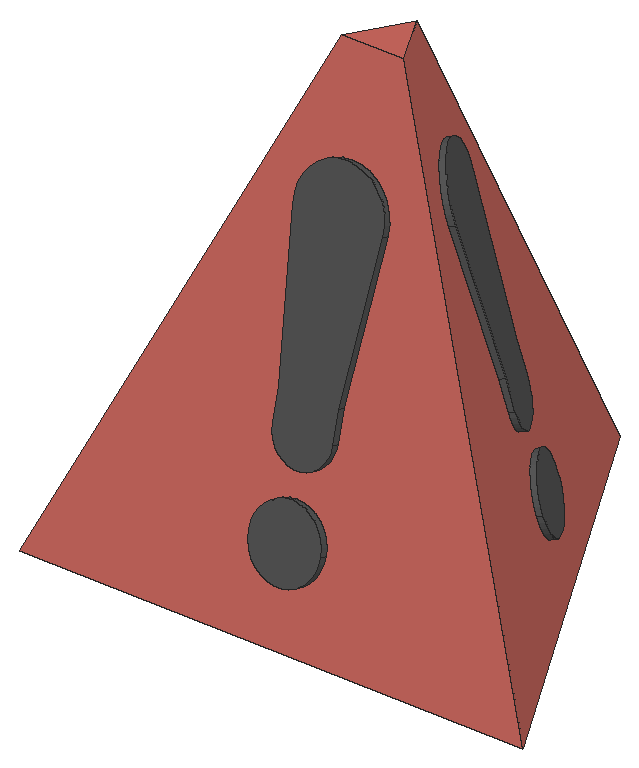
Revit family "Risk-UGServices", category Generic Models, Revit 2020
Family settings
  Can host rebar = No
  Round Connector Dimension = Use Diameter
  Part Type = Normal
  Work Plane-Based = No
  Always vertical = Yes
  Cut with Voids When Loaded = No
  Shared = No
  Room Calculation Point = Yes
Parameters
  Who is Likely to be Harmed [instance] = ""
  RiskBlock = Laminate, Red, Matte
  Risk Number [instance] = 0
  Risk Management Action Required [instance] = ""
  PD to include in Pre-Construct Info? [instance] = yes
  PD to include in Health and Safety File? [instance] = yes
  List Possible Hazards [instance] = ""
  Is the Risk Acceptable? [instance] = yes
  Exclamation = Laminate, Black
  Element of Design [instance] = ""
  Drawing/Spec. Reference [instance] = ""
  Default Elevation = 0 mm
  Date Risk or Hazard Removed & By Whom [instance] = ""
  Action Required By Who and By When [instance] = ""
Reference planes
  plane 1 "Center (Front/Back)": y = 0
  plane 2: z = 0
  plane 3 "Center (Left/Right)": x = 0
  plane 4 "Top": z = 800
Forms (mm)
  Extrusion 1, solid, material "Laminate, Black" <- "Exclamation"
    sketch origin (212.783, -257.679, -63.357) x (1, 0, 0) y (0, 0.254936, 0.966958)
      loop
        circle (-211.695, 212.66) r 60
      loop
        arc (-262.719, 362.315) -> (-212.378, 312.658) -> (-162.721, 362.999) r 50
        line (-162.721, 362.999) -> (-163.063, 412.997) -> (-140.104, 655.583)
        arc (-140.104, 655.583) -> (-215.283, 737.648) -> (-289.333, 654.563) r 75
        line (-289.333, 654.563) -> (-263.06, 412.314) -> (-262.719, 362.315)
    from 0 to 10
  Extrusion 2, solid, material "Laminate, Black" <- "Exclamation"
    sketch origin (222.945, 127.243, -62.445) x (-0.5, 0.866025, 0) y (-0.220211, -0.127139, 0.967131)
      loop
        circle (1.287, 211.098) r 60
      loop
        line (51.287, 361.098) -> (51.287, 411.098) -> (75.904, 653.521)
        arc (75.904, 653.521) -> (1.287, 736.098) -> (-73.329, 653.521) r 75
        line (-73.329, 653.521) -> (-48.713, 411.098) -> (-48.713, 361.098)
        arc (-48.713, 361.098) -> (1.287, 311.098) -> (51.287, 361.098) r 50
    from 0 to 10
  Extrusion 3, solid, material "Laminate, Black" <- "Exclamation"
    sketch origin (-216.457, 134.846, -61.837) x (-0.5, -0.866025, 0) y (0.218654, -0.12624, 0.967602)
      loop
        line (-75.018, 652.702) -> (-50.401, 410.278) -> (-50.401, 360.278)
        arc (-50.401, 360.278) -> (-0.401, 310.278) -> (49.599, 360.278) r 50
        line (49.599, 360.278) -> (49.599, 410.278) -> (74.215, 652.702)
        arc (74.215, 652.702) -> (-0.401, 735.278) -> (-75.018, 652.702) r 75
      loop
        circle (-0.401, 210.278) r 60
    from 10 to 0
  Blend 4, solid, material "Laminate, Red, Matte" <- "RiskBlock"
    base sketch origin (0, 0, 0) x (1, 0, 0) y (0, 1, 0)
      loop
        line (0.886, 479.025) -> (-414.806, -240.975) -> (416.578, -240.975) -> (0.886, 479.025)
    top sketch origin (0, 0, 0) x (1, 0, 0) y (0, 1, 0)
      loop
        line (-0.032, 59.943) -> (-51.993, -30.057) -> (51.93, -30.057) -> (-0.032, 59.943)
    from 0 to 800
Dimensions and locks
  plane 4 "Top" to plane 2 = 800 mm
  aligned and locked: level to plane 2
  aligned and locked: Extrusion 2 to Blend 4
Nested families
  nested 1: "RiskSymbol-UGServices" at (-0.962, 0, 0), type "RiskSymbol-UGServices"
Definition of nested family "RiskSymbol-UGServices"
  Reference planes
    plane 1: y = 0
    plane 2: x = 0
  Lines and regions (mm)
    Filled region 1, type "Red Fill"
      outline origin (-1.25, -0.781, 0) x (1, 0, 0) y (0, 1, 0)
        loop
          arc (3.548, 0.889) -> (4.198, 1.264) -> (4.198, 2.014) r 0.75
          line (4.198, 2.014) -> (1.921, 5.957)
          arc (1.921, 5.957) -> (1.272, 6.332) -> (0.622, 5.957) r 0.75
          line (0.622, 5.957) -> (-1.654, 2.014)
          arc (-1.654, 2.014) -> (-1.654, 1.264) -> (-1.004, 0.889) r 0.75
          line (-1.004, 0.889) -> (3.548, 0.889)
        loop
          line (0.657, 4.809) -> (0.872, 2.409) -> (1.672, 2.409) -> (1.889, 4.809) -> (0.657, 4.809)
        loop
          line (1.755, 1.309) -> (1.755, 2.165) -> (0.787, 2.165) -> (0.787, 1.309) -> (1.755, 1.309)
        loop
          line (-5.975, 7.821) -> (-5.975, -3.602)
          arc (-5.975, -3.602) -> (-6.667, -4.939) -> (-5.975, -6.277) r 1.64
          line (-5.975, -6.277) -> (8.58, -6.277) -> (8.58, 7.821) -> (-5.975, 7.821)
        loop
          line (8.23, 6.649) -> (-5.625, 6.649) -> (-5.625, -3.219) -> (-2.651, -0.244)
          arc (-2.651, -0.244) -> (-0.331, -0.244) -> (-0.331, -2.563) r 1.64
          line (-0.331, -2.563) -> (-3.695, -5.927) -> (0.741, -5.927)
          arc (0.741, -5.927) -> (0.207, -5.282) -> (0.25, -4.446) r 1.154
          line (0.25, -4.446) -> (-0.723, -5.418)
          arc (-0.723, -5.418) -> (-1.511, -5.418) -> (-1.511, -4.63) r 0.557
          line (-1.511, -4.63) -> (1.671, -1.448)
          arc (1.671, -1.448) -> (2.343, -1.359) -> (2.604, -1.985) r 0.557
          line (2.604, -1.985) -> (4.022, -0.567)
          arc (4.022, -0.567) -> (5.654, -0.567) -> (5.654, -2.199) r 1.154
          line (5.654, -2.199) -> (1.926, -5.927) -> (8.23, -5.927) -> (8.23, 6.649)
        loop
          arc (-5.223, -3.311) -> (-3.867, -3.779) -> (-3.398, -5.135) r 1.64
          line (-3.398, -5.135) -> (-0.579, -2.316)
          arc (-0.579, -2.316) -> (-0.579, -0.491) -> (-2.403, -0.491) r 1.29
          line (-2.403, -0.491) -> (-5.223, -3.311)
        loop
          arc (1.319, -3.765) -> (2.118, -4.103) -> (2.456, -4.902) r 1.154
          line (2.456, -4.902) -> (5.406, -1.951)
          arc (5.406, -1.951) -> (5.406, -0.815) -> (4.27, -0.815) r 0.804
          line (4.27, -0.815) -> (1.319, -3.765)
  Text (mm)
    text "Risk: Buried Services" at (-0.007, -9.908, 0)
